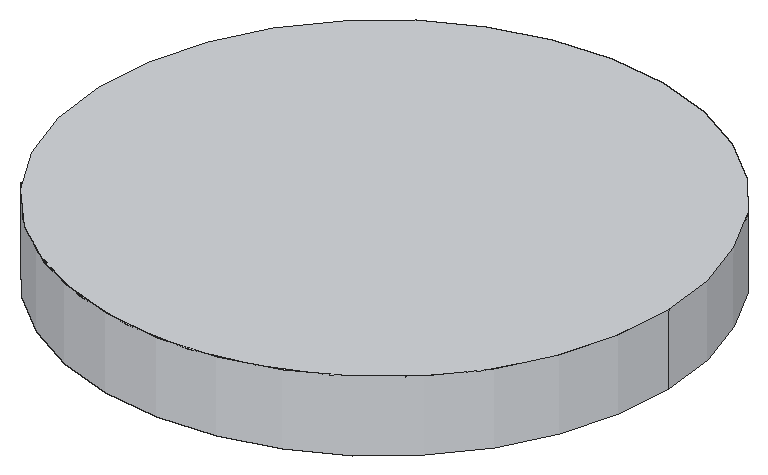
Revit family "EF-F_Existing Ckt Placeholder-Unbalanced_CED", category Electrical Fixtures, host Face, Revit 2024
Family settings
  Host = Face
  Round Connector Dimension = Use Diameter
  Part Type = Normal
  OmniClass Number = 23.80.00.00
  OmniClass Title = Electric Power and Lighting
  Cut with Voids When Loaded = No
  Maintain Annotation Orientation = Yes
  Shared = No
  Room Calculation Point = No
Parameters (values of type "480V - 3 Pole")
  Voltage_CED [instance] = Connector Voltage  # 480 V
  Thickness = 0' - 0 1/8"
  Symbol Visible_CED = yes
  Radius = 0.5 * Diameter  # 0' - 0 1/2"
  Power Factor_CED [instance] = 1
  Phase_CED [instance] = if(Number of Poles_CED = 3, 3, 1)  # 3
  OCPD Rating_CED = 0 A
  Number of Poles_CED [instance] = Connector Number of Poles  # 3
  Load Classification_CED [instance] = EX
  Filter_CEDT [instance] = ""
  Equipment Type_CEDT = "EXISTING CIRCUIT PLACEHOLDER"  # constant formula
  Equipment ID_CEDT [instance] = ""
  Diameter = 0' - 1"
  Default Elevation = 4' - 0"
  Connector Voltage = 480 V
  Connector Number of Poles = 3
  Apparent Load Ph 3_CED [instance] = 0 VA
  Apparent Load Ph 2_CED [instance] = 0 VA
  Apparent Load Ph 1_CED [instance] = 0 VA
  Ampacity Rating_CED [instance] = 0 A
Types (6): name | Voltage_CED | Phase_CED | Number of Poles_CED | Connector Voltage | Connector Number of Poles
  208V - 2 Pole | 208 V | 1 | 2 | 208 V | 2
  208V - 3 Pole | 208 V | 3 | 3 | 208 V | 3
  480V - 3 Pole | 480 V | 3 | 3 | 480 V | 3
  480V - 2 Pole | 480 V | 1 | 2 | 480 V | 2
  277V - 1 Pole | 277 V | 1 | 1 | 277 V | 1
  120V - 1 Pole | 120 V | 1 | 1 | 120 V | 1
Reference planes (in)
  plane 1 "Center (Front/Back)": y = 0
  plane 2: z = 0
  plane 3 "Center (Left/Right)": x = 0
  plane 4: z = 0.125
Forms (in)
  Extrusion 1, solid, detail levels medium+fine
    sketch origin (0, 0, 0) x (1, 0, 0) y (0, 1, 0)
      loop
        circle (0, 0) r 0.5
    from 0 to 0.125
Dimensions and locks (in)
  "Thickness": plane 4 to level
  "Radius": radius of Extrusion 1 sketch curve
  aligned and locked: plane 2 to host face
  aligned and locked: level to host face
  aligned and locked: plane 4 to Extrusion 1
  aligned and locked: plane 3 "Center (Left/Right)" to Extrusion 1 sketch curve
  aligned and locked: plane 1 "Center (Front/Back)" to Extrusion 1 sketch curve
Automatic sketch dimensions
  host sketch curve to host sketch curve = 8' - 0"  (x2)
Nested families (in)
  nested 1: "E_SYM-Electrical Connection" at (0, 0, 0), visible <- "Symbol Visible_CED", type "E_SYM-Electrical Connection"
Connectors (in)
  electrical at (0, 0, 0.125), driven by "Connector Number of Poles", driven by "Load Classification_CED", driven by "Connector Voltage", driven by "Power Factor_CED", driven by "Apparent Load Ph 1_CED", driven by "Apparent Load Ph 2_CED", driven by "Apparent Load Ph 3_CED"
    settings: on Extrusion 1, index 1, voltage 480 V, apparent load 0 VA, apparent load phase1 0 VA, apparent load phase2 0 VA, apparent load phase3 0 VA, power factor 1, load classification "EX", number of poles 3, system type 31, power factor state 1, is connector primary yes, connector utility no, sub classification motor no, connector description ""
Definition of nested family "E_SYM-Electrical Connection"
  Reference planes (in)
    plane 1: y = 0
    plane 2: x = 0
  Lines and regions (in)
    detail lines
      curve 1: circle (0, 0, 0) r 0.02083 normal (0, 0, 1)
      curve 2: line (-0.02083, 0, 0) -> (0.02083, 0, 0)
      curve 3: line (0, 0.02083, 0) -> (0, -0.02083, 0)
